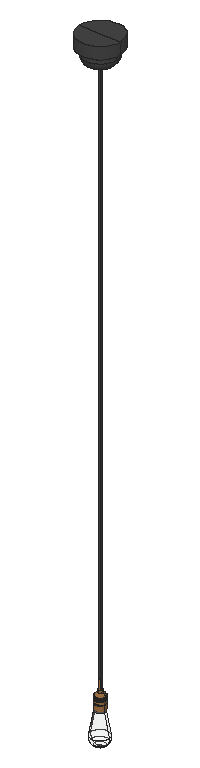
Revit family "SPO-BP MB", category Lighting Fixtures, Revit 2020 (continued)
Definition of nested family "SPO-AB"
  Definition of nested family "SPO-AB HOLDER"
    Automatic sketch dimensions
      plane 1 "Center (Front/Back)" to Extrusion 13 sketch curve = 0' - 0.01316"
      Extrusion 13 sketch curve to plane 6 = 0' - 0.0237"
      Extrusion 14 sketch curve to plane 6 = 0' - 0.02675"
      plane 1 "Center (Front/Back)" to Extrusion 14 sketch curve = 0' - 0.06414"
      Extrusion 15 sketch curve to plane 6 = 0' - 0.0338"
      plane 1 "Center (Front/Back)" to Extrusion 15 sketch curve = 0' - 0.11473"
      Extrusion 16 sketch curve to plane 6 = 0' - 0.04481"
      plane 1 "Center (Front/Back)" to Extrusion 16 sketch curve = 0' - 0.1646"
      Extrusion 17 sketch curve to plane 6 = 0' - 0.05971"
      plane 1 "Center (Front/Back)" to Extrusion 17 sketch curve = 0' - 0.21345"
      Extrusion 18 sketch curve to plane 6 = 0' - 0.07842"
      plane 1 "Center (Front/Back)" to Extrusion 18 sketch curve = 0' - 0.26098"
      Extrusion 19 sketch curve to plane 6 = 0' - 0.1008"
      plane 1 "Center (Front/Back)" to Extrusion 19 sketch curve = 0' - 0.30689"
      Extrusion 20 sketch curve to plane 6 = 0' - 0.12674"
      plane 1 "Center (Front/Back)" to Extrusion 20 sketch curve = 0' - 0.35089"
      Extrusion 21 sketch curve to plane 6 = 0' - 0.15605"
      plane 1 "Center (Front/Back)" to Extrusion 21 sketch curve = 0' - 0.39272"
      Extrusion 22 sketch curve to plane 6 = 0' - 0.18857"
      plane 1 "Center (Front/Back)" to Extrusion 22 sketch curve = 0' - 0.4321"
      Extrusion 23 sketch curve to plane 6 = 0' - 0.22408"
      plane 1 "Center (Front/Back)" to Extrusion 23 sketch curve = 0' - 0.46881"
      Extrusion 24 sketch curve to plane 6 = 0' - 0.26238"
      plane 1 "Center (Front/Back)" to Extrusion 24 sketch curve = 0' - 0.50261"
      Extrusion 25 sketch curve to plane 6 = 0' - 0.30321"
      plane 1 "Center (Front/Back)" to Extrusion 25 sketch curve = 0' - 0.53328"
      plane 3 "Center (Left/Right)" to Extrusion 26 sketch curve = 0' - 0.32554"
      plane 1 "Center (Front/Back)" to Extrusion 26 sketch curve = 0' - 0.56065"
      plane 3 "Center (Left/Right)" to Extrusion 27 sketch curve = 0' - 0.28039"
      plane 1 "Center (Front/Back)" to Extrusion 27 sketch curve = 0' - 0.58454"
      plane 3 "Center (Left/Right)" to Extrusion 28 sketch curve = 0' - 0.23351"
      plane 1 "Center (Front/Back)" to Extrusion 28 sketch curve = 0' - 0.6048"
      plane 3 "Center (Left/Right)" to Extrusion 29 sketch curve = 0' - 0.18517"
      plane 1 "Center (Front/Back)" to Extrusion 29 sketch curve = 0' - 0.6213"
      plane 3 "Center (Left/Right)" to Extrusion 30 sketch curve = 0' - 0.13569"
      plane 1 "Center (Front/Back)" to Extrusion 30 sketch curve = 0' - 0.63395"
      plane 3 "Center (Left/Right)" to Extrusion 31 sketch curve = 0' - 0.08536"
      plane 1 "Center (Front/Back)" to Extrusion 31 sketch curve = 0' - 0.64266"
      plane 3 "Center (Left/Right)" to Extrusion 32 sketch curve = 0' - 0.0345"
      plane 1 "Center (Front/Back)" to Extrusion 32 sketch curve = 0' - 0.64739"
      Extrusion 33 sketch curve to plane 3 "Center (Left/Right)" = 0' - 0.01657"
      plane 1 "Center (Front/Back)" to Extrusion 33 sketch curve = 0' - 0.6481"
      Extrusion 34 sketch curve to plane 3 "Center (Left/Right)" = 0' - 0.06753"
      plane 1 "Center (Front/Back)" to Extrusion 34 sketch curve = 0' - 0.64478"
      Extrusion 35 sketch curve to plane 3 "Center (Left/Right)" = 0' - 0.11808"
      plane 1 "Center (Front/Back)" to Extrusion 35 sketch curve = 0' - 0.63746"
      Extrusion 36 sketch curve to plane 3 "Center (Left/Right)" = 0' - 0.1679"
      plane 1 "Center (Front/Back)" to Extrusion 36 sketch curve = 0' - 0.62619"
      Extrusion 37 sketch curve to plane 3 "Center (Left/Right)" = 0' - 0.21667"
      plane 1 "Center (Front/Back)" to Extrusion 37 sketch curve = 0' - 0.61103"
      Extrusion 38 sketch curve to plane 3 "Center (Left/Right)" = 0' - 0.2641"
      plane 1 "Center (Front/Back)" to Extrusion 38 sketch curve = 0' - 0.59208"
      Extrusion 39 sketch curve to plane 3 "Center (Left/Right)" = 0' - 0.30989"
      plane 1 "Center (Front/Back)" to Extrusion 39 sketch curve = 0' - 0.56945"
      plane 5 to Extrusion 40 sketch curve = 0' - 0.31812"
      plane 1 "Center (Front/Back)" to Extrusion 40 sketch curve = 0' - 0.54329"
      plane 5 to Extrusion 41 sketch curve = 0' - 0.27645"
      plane 1 "Center (Front/Back)" to Extrusion 41 sketch curve = 0' - 0.51375"
      plane 5 to Extrusion 42 sketch curve = 0' - 0.23723"
      plane 1 "Center (Front/Back)" to Extrusion 42 sketch curve = 0' - 0.48103"
      plane 5 to Extrusion 43 sketch curve = 0' - 0.20071"
      plane 1 "Center (Front/Back)" to Extrusion 43 sketch curve = 0' - 0 57/128"
      plane 5 to Extrusion 44 sketch curve = 0' - 0.16712"
      plane 1 "Center (Front/Back)" to Extrusion 44 sketch curve = 0' - 0.40685"
      plane 5 to Extrusion 45 sketch curve = 0' - 0.13666"
      plane 1 "Center (Front/Back)" to Extrusion 45 sketch curve = 0' - 0.36585"
      plane 5 to Extrusion 46 sketch curve = 0' - 0.10952"
      plane 1 "Center (Front/Back)" to Extrusion 46 sketch curve = 0' - 0.32258"
      plane 5 to Extrusion 47 sketch curve = 0' - 0.08587"
      plane 1 "Center (Front/Back)" to Extrusion 47 sketch curve = 0' - 0.27731"
      plane 5 to Extrusion 48 sketch curve = 0' - 0.06586"
      plane 1 "Center (Front/Back)" to Extrusion 48 sketch curve = 0' - 0.23032"
      plane 5 to Extrusion 49 sketch curve = 0' - 0.04961"
      plane 1 "Center (Front/Back)" to Extrusion 49 sketch curve = 0' - 0.1819"
      plane 5 to Extrusion 50 sketch curve = 0' - 0.03722"
      plane 1 "Center (Front/Back)" to Extrusion 50 sketch curve = 0' - 0.13235"
      plane 5 to Extrusion 51 sketch curve = 0' - 0.02877"
      plane 1 "Center (Front/Back)" to Extrusion 51 sketch curve = 0' - 0.08198"
      plane 5 to Extrusion 52 sketch curve = 0' - 0.02431"
      plane 1 "Center (Front/Back)" to Extrusion 52 sketch curve = 0' - 0.0311"
      Extrusion 53 sketch curve to plane 1 "Center (Front/Back)" = 0' - 0.01998"
      plane 5 to Extrusion 53 sketch curve = 0' - 0.02388"
      plane 5 to Extrusion 54 sketch curve = 0' - 0.02746"
      Extrusion 54 sketch curve to plane 1 "Center (Front/Back)" = 0' - 0.07093"
      plane 5 to Extrusion 55 sketch curve = 0' - 0.03504"
      Extrusion 55 sketch curve to plane 1 "Center (Front/Back)" = 0' - 0.12144"
      plane 5 to Extrusion 56 sketch curve = 0' - 0.04658"
      Extrusion 56 sketch curve to plane 1 "Center (Front/Back)" = 0' - 0.17119"
      plane 5 to Extrusion 57 sketch curve = 0' - 0.062"
      Extrusion 57 sketch curve to plane 1 "Center (Front/Back)" = 0' - 0.21988"
      plane 5 to Extrusion 58 sketch curve = 0' - 0.0812"
      Extrusion 58 sketch curve to plane 1 "Center (Front/Back)" = 0' - 0.26721"
      plane 5 to Extrusion 59 sketch curve = 0' - 0.10407"
      Extrusion 59 sketch curve to plane 1 "Center (Front/Back)" = 0' - 0.31288"
      plane 5 to Extrusion 60 sketch curve = 0' - 0.13046"
      Extrusion 60 sketch curve to plane 1 "Center (Front/Back)" = 0' - 0.35661"
      plane 5 to Extrusion 61 sketch curve = 0' - 0.16021"
      Extrusion 61 sketch curve to plane 1 "Center (Front/Back)" = 0' - 0.39812"
      plane 5 to Extrusion 62 sketch curve = 0' - 0.19314"
      Extrusion 62 sketch curve to plane 1 "Center (Front/Back)" = 0' - 0.43717"
      plane 5 to Extrusion 63 sketch curve = 0' - 0.22904"
      Extrusion 63 sketch curve to plane 1 "Center (Front/Back)" = 0' - 0.4735"
      plane 5 to Extrusion 64 sketch curve = 0' - 0.26769"
      Extrusion 64 sketch curve to plane 1 "Center (Front/Back)" = 0' - 0.50689"
      plane 5 to Extrusion 65 sketch curve = 0' - 0.30885"
      Extrusion 65 sketch curve to plane 1 "Center (Front/Back)" = 0' - 0.53713"
      Extrusion 66 sketch curve to plane 3 "Center (Left/Right)" = 0' - 0.31962"
      Extrusion 66 sketch curve to plane 1 "Center (Front/Back)" = 0' - 0.56404"
      Extrusion 67 sketch curve to plane 3 "Center (Left/Right)" = 0' - 0.27422"
      Extrusion 67 sketch curve to plane 1 "Center (Front/Back)" = 0' - 0.58746"
      Extrusion 68 sketch curve to plane 3 "Center (Left/Right)" = 0' - 0.22713"
      Extrusion 68 sketch curve to plane 1 "Center (Front/Back)" = 0' - 0.60722"
      Extrusion 69 sketch curve to plane 3 "Center (Left/Right)" = 0' - 0.17862"
      Extrusion 69 sketch curve to plane 1 "Center (Front/Back)" = 0' - 0.62321"
      Extrusion 70 sketch curve to plane 3 "Center (Left/Right)" = 0' - 0.12901"
      Extrusion 70 sketch curve to plane 1 "Center (Front/Back)" = 0' - 0.63534"
      Extrusion 71 sketch curve to plane 3 "Center (Left/Right)" = 0' - 0.07859"
      Extrusion 71 sketch curve to plane 1 "Center (Front/Back)" = 0' - 0.64353"
      Extrusion 72 sketch curve to plane 3 "Center (Left/Right)" = 0' - 0.02769"
      Extrusion 72 sketch curve to plane 1 "Center (Front/Back)" = 0' - 0.64772"
      plane 3 "Center (Left/Right)" to Extrusion 73 sketch curve = 0' - 0.02339"
      Extrusion 73 sketch curve to plane 1 "Center (Front/Back)" = 0' - 0.64789"
      plane 3 "Center (Left/Right)" to Extrusion 74 sketch curve = 0' - 0.07432"
      Extrusion 74 sketch curve to plane 1 "Center (Front/Back)" = 0' - 0.64403"
      plane 3 "Center (Left/Right)" to Extrusion 75 sketch curve = 0' - 0.12479"
      Extrusion 75 sketch curve to plane 1 "Center (Front/Back)" = 0' - 0.63618"
      plane 3 "Center (Left/Right)" to Extrusion 76 sketch curve = 0' - 0.17448"
      Extrusion 76 sketch curve to plane 1 "Center (Front/Back)" = 0' - 0.62439"
      plane 3 "Center (Left/Right)" to Extrusion 77 sketch curve = 0' - 0.22309"
      Extrusion 77 sketch curve to plane 1 "Center (Front/Back)" = 0' - 0.60871"
      plane 3 "Center (Left/Right)" to Extrusion 78 sketch curve = 0' - 0.27032"
      Extrusion 78 sketch curve to plane 1 "Center (Front/Back)" = 0' - 0.58926"
      plane 3 "Center (Left/Right)" to Extrusion 79 sketch curve = 0' - 0.31587"
      Extrusion 79 sketch curve to plane 1 "Center (Front/Back)" = 0' - 0.56616"
      Extrusion 80 sketch curve to plane 6 = 0' - 0.31242"
      Extrusion 80 sketch curve to plane 1 "Center (Front/Back)" = 0' - 0.53953"
      Extrusion 81 sketch curve to plane 6 = 0' - 0.27106"
      Extrusion 81 sketch curve to plane 1 "Center (Front/Back)" = 0' - 0.50956"
      Extrusion 82 sketch curve to plane 6 = 0' - 0.23219"
      Extrusion 82 sketch curve to plane 1 "Center (Front/Back)" = 0' - 0.47643"
      radius of Extrusion 1 sketch curve = 0' - 0.1524"
  Definition of nested family "light"
    Parameters
      SPB [instance] = yes
      GLASS = none
      Default Elevation = 0' - 0"
      Body [instance] = none
    Reference planes (in)
      plane 1 "Center (Front/Back)": y = 0
      plane 2: z = 0
      plane 3 "Center (Left/Right)": x = 0
      plane 4: z = 3
      plane 5: x = 0.75
      plane 6: x = -0.75
    Forms (in)
      Revolve 1, solid, material <- "GLASS"
        sketch origin (0, 0, -0.00124) x (1, 0, 0) y (0, 0, 1)
          loop
            line (0, 0.00124) -> (-0.47169, 0.00124)
            arc (-0.47169, 0.00124) -> (-0.59465, -0.08077) -> (-0.64543, -0.21957) r 0.23785
            line (-0.64543, -0.21957) -> (-1.18272, -3.03558)
            arc (-1.18272, -3.03558) -> (-1.18535, -3.41114) -> (-1.05444, -3.76315) r 1.04013
            arc (-1.05444, -3.76315) -> (-0.89651, -3.966) -> (-0.69365, -4.12393) r 1.04013
            arc (-0.69365, -4.12393) -> (-0.44112, -4.23419) -> (-0.17715, -4.31325) r 2.2844
            line (-0.17715, -4.31325) -> (-0.02963, -4.36987)
            arc (-0.02963, -4.36987) -> (-0.01545, -4.37654) -> (0, -4.37915) r 0.05766
            line (0, -4.37915) -> (0, -4.34756) -> (-0.27212, -4.27661)
            arc (-0.27212, -4.27661) -> (-0.48406, -4.20538) -> (-0.68798, -4.11367) r 2.27268
            arc (-0.68798, -4.11367) -> (-0.88836, -3.95758) -> (-1.04437, -3.75715) r 1.02841
            arc (-1.04437, -3.75715) -> (-1.17381, -3.4091) -> (-1.17121, -3.03778) r 1.02841
            line (-1.17121, -3.03778) -> (-0.63375, -0.22087)
            arc (-0.63375, -0.22087) -> (-0.60139, -0.11111) -> (-0.51945, -0.03125) r 0.22613
            line (-0.51945, -0.03125) -> (0, -0.03125) -> (0, 0.00124)
          axis (0, 0.00124) -> (0, -4.37915)
        angle from 0 to 360
    Dimensions and locks (in)
      aligned and locked: plane 2 to level
      aligned and locked: Revolve 1 to level
Definition of nested family "E6 26 INCH"
  Parameters (values of type "E6 26 INCH")
    URL = ""
    Placement X axis side [instance] = 2' - 2"
    Model = ""
    Manufacturer = ""
    Light Elevation [instance] = 8' - 4"
    E 6 26 inch [instance] = yes
    Default Elevation = 0' - 0"
    Chain Length [instance] = 0' - 0"
    Body Material [instance] = none
  Reference planes (in)
    plane 1 "Light Source Axis (F/B)": y = 0
    plane 2: z = 0
    plane 3 "Light Source Axis (L/R)": x = 0
    plane 4 "Light Source Elevation": z = 23.125
    plane 5: z = 100
    plane 6: x = -26
    plane 7: z = 99.125
    plane 8: x = -24.12
    plane 9: x = -25.5474
  Forms (in)
    Extrusion 1, void, not visible
      sketch origin (0, 0, 2.38154) x (1, 0, 0) y (0, 0, 1)
        loop
          circle (0, 4.59925) r 0.16583
      from 1.18594 to 1.75
    Extrusion 2, void, not visible
      sketch origin (0, 0, 2.38154) x (0.707107, -0.707107, 0) y (0, 0, 1)
        loop
          circle (0, 4.59925) r 0.16583
      from 1.18594 to 1.75
    Extrusion 3, void, not visible
      sketch origin (0, 0, 2.38154) x (0.707107, 0.707107, 0) y (0, 0, 1)
        loop
          circle (0, 4.59925) r 0.16583
      from 1.18594 to 1.75
    Extrusion 4, void, not visible
      sketch origin (0, 0, 2.38154) x (0, 1, 0) y (0, 0, 1)
        loop
          circle (0, 4.59925) r 0.16583
      from 1.18594 to 1.75
    Extrusion 5, void, not visible
      sketch origin (0, 0, 2.38154) x (-0.707107, 0.707107, 0) y (0, 0, 1)
        loop
          circle (0, 4.59925) r 0.16583
      from 1.18594 to 1.75
    Extrusion 6, void, not visible
      sketch origin (0, 0, 2.38154) x (-1, 0, 0) y (0, 0, 1)
        loop
          circle (0, 4.59925) r 0.20678
      from 1.18594 to 1.75
    Extrusion 7, void, not visible
      sketch origin (0, 0, 2.38154) x (-0.707107, -0.707107, 0) y (0, 0, 1)
        loop
          circle (0, 4.59925) r 0.16583
      from 1.18594 to 1.75
    Extrusion 8, void, not visible
      sketch origin (0, 0, 2.38154) x (0, -1, 0) y (0, 0, 1)
        loop
          circle (0, 4.59925) r 0.16583
      from 1.18594 to 1.75
    Sweep 9, solid, material <- "Body Material", visible <- "E 6 26 inch"
      path origin (-41.25, 0, 168.51693) x (1, 0, 0) y (0, 0, 1)
        loop
          line (17.13, -68.51693) -> (27.68551, -68.51693)
          arc (27.68551, -68.51693) -> (28.47996, -68.34486) -> (29.13202, -67.8595) r 1.92004
          line (29.13202, -67.8595) -> (34.23651, -62.01155)
          arc (34.23651, -62.01155) -> (38.65464, -60.89667) -> (41.25, -64.64193) r 4
          line (41.25, -64.64193) -> (41.25, -69.39193)
      profile origin (-18.84224, 0, 100) x (0, 0, 1) y (0, -1, 0)
        loop
          circle (0, 0) r 0.5
    Revolve 10, solid, material <- "Body Material", visible <- "E 6 26 inch"
      sketch origin (-26, 0, 168.51693) x (1, 0, 0) y (0, 0, 1)
        loop
          line (0, -66.07943) -> (0, -68.51693) -> (1.88, -68.51693) -> (1.88, -67.69272) -> (0.4526, -67.69272) -> (0.4526, -66.54122) -> (0.33125, -66.54122) -> (0.33125, -66.07943) -> (0, -66.07943)
        axis (0, -68.51693) -> (1.88, -68.51693)
      angle from 0 to 360
    Extrusion 11, solid, material <- "Body Material", visible <- "E 6 26 inch"
      sketch origin (-26, 0, 168.51693) x (0, -1, 0) y (0, 0, -1)
        loop
          line (0.25, 68.51693) -> (0.25, 69.51693) -> (-0.25, 69.51693) -> (-0.25, 68.51693) -> (0.25, 68.51693)
      from 0.4526 to 1.88
  Cuts and joins
    joined: Revolve 10, Extrusion 11
  Dimensions and locks (in)
    "Light Elevation": plane 5 to plane 2
    "Placement X axis side": plane 3 "Light Source Axis (L/R)" to plane 6
    locked: plane 5 to plane 7 at 0.875
    Revolve 10 sketch curve to Revolve 10 sketch curve to Revolve 10 sketch curve to plane 6 = 0' - 1.4274" locked, 0' - 0.12135" locked, 0' - 0.33125" locked
    Revolve 10 sketch curve to Revolve 10 sketch curve to Revolve 10 sketch curve to plane 5 = 0' - 0.46179" locked, 0' - 1.1515" locked, 0' - 0 211/256" locked
    locked: Sweep 9 sketch curve to plane 6 at 1.88
    locked: Sweep 9 sketch curve to Sweep 9 sketch curve at 10.55551
    locked: Sweep 9 sketch curve to Sweep 9 sketch curve at 13.56449
    locked: Sweep 9 sketch curve to Sweep 9 sketch curve at 4.75
    locked: plane 9 to plane 6 at 0.4526
    locked: plane 8 to plane 9 at 1.4274
    aligned and locked: level to plane 2
    aligned and locked: Revolve 10 sketch curve to plane 6
    aligned and locked: plane 5 to Revolve 10 sketch curve
    aligned and locked: Revolve 10 sketch curve to plane 5
    aligned and locked: cut or joined group of Revolve 10, Extrusion 11 to plane 9
    aligned and locked: plane 8 to cut or joined group of Revolve 10, Extrusion 11
  Automatic sketch dimensions
    Sweep 9 sketch curve to plane 5 = 0' - 0"
    Sweep 9 sketch curve to Sweep 9 sketch curve = 0' - 4"
    Sweep 9 sketch curve to Sweep 9 sketch curve = 0' - 3.01349"
    plane 5 to Sweep 9 sketch curve = 0' - 0.65743"
    Sweep 9 sketch curve to Sweep 9 sketch curve = 0' - 1.4465"
    Sweep 9 sketch curve to plane 5 = 0' - 0 7/8"
    profile plane to Sweep 9 sketch curve = 0' - 0"
    Sweep 9 sketch curve to profile plane = 0' - 0"
    plane 6 to Revolve 10 sketch curve = 0' - 0.62562"
    Revolve 10 sketch curve to Revolve 10 sketch curve = 0' - 0 1/2"
    Extrusion 11 sketch curve to plane 5 = 0' - 0"
    plane 1 "Light Source Axis (F/B)" to Extrusion 11 sketch curve = 0' - 0 1/4"
    Extrusion 11 sketch curve to plane 1 "Light Source Axis (F/B)" = 0' - 0 1/4"
    plane 5 to Extrusion 11 sketch curve = 0' - 1"
    radius of Sweep 9 sketch curve = 0' - 0 1/2"
Definition of nested family "E7 41 INCH"
  Parameters (values of type "E7 41 INCH")
    URL = ""
    Placement X axis side [instance] = 4' - 2"
    Model = ""
    Manufacturer = ""
    Light Elevation [instance] = 8' - 4"
    E7 41 inch [instance] = yes
    Default Elevation = 0' - 0"
    Chain Length [instance] = 0' - 0"
    Body Material [instance] = none
  Reference planes (in)
    plane 1 "Light Source Axis (F/B)": y = 0
    plane 2: z = 0
    plane 3 "Light Source Axis (L/R)": x = 0
    plane 4 "Light Source Elevation": z = 23.125
    plane 5: z = 100
    plane 6: x = -50
  Forms (in)
    Extrusion 1, void, not visible
      sketch origin (0, 0, 2.38154) x (1, 0, 0) y (0, 0, 1)
        loop
          circle (0, 4.59925) r 0.16583
      from 1.18594 to 1.75
    Extrusion 2, void, not visible
      sketch origin (0, 0, 2.38154) x (0.707107, -0.707107, 0) y (0, 0, 1)
        loop
          circle (0, 4.59925) r 0.16583
      from 1.18594 to 1.75
    Extrusion 3, void, not visible
      sketch origin (0, 0, 2.38154) x (0.707107, 0.707107, 0) y (0, 0, 1)
        loop
          circle (0, 4.59925) r 0.16583
      from 1.18594 to 1.75
    Extrusion 4, void, not visible
      sketch origin (0, 0, 2.38154) x (0, 1, 0) y (0, 0, 1)
        loop
          circle (0, 4.59925) r 0.16583
      from 1.18594 to 1.75
    Extrusion 5, void, not visible
      sketch origin (0, 0, 2.38154) x (-0.707107, 0.707107, 0) y (0, 0, 1)
        loop
          circle (0, 4.59925) r 0.16583
      from 1.18594 to 1.75
    Extrusion 6, void, not visible
      sketch origin (0, 0, 2.38154) x (-1, 0, 0) y (0, 0, 1)
        loop
          circle (0, 4.59925) r 0.20678
      from 1.18594 to 1.75
    Extrusion 7, void, not visible
      sketch origin (0, 0, 2.38154) x (-0.707107, -0.707107, 0) y (0, 0, 1)
        loop
          circle (0, 4.59925) r 0.16583
      from 1.18594 to 1.75
    Extrusion 8, void, not visible
      sketch origin (0, 0, 2.38154) x (0, -1, 0) y (0, 0, 1)
        loop
          circle (0, 4.59925) r 0.16583
      from 1.18594 to 1.75
    Revolve 9, solid, material <- "Body Material", visible <- "E7 41 inch"
      sketch origin (-41.25, 0, 168.39193) x (1, 0, 0) y (0, 0, 1)
        loop
          line (-8.75, -66.20443) -> (-8.75, -68.51693) -> (-6.87, -68.51693) -> (-6.87, -67.69272) -> (-8.2974, -67.69272) -> (-8.2974, -66.54122) -> (-8.41875, -66.54122) -> (-8.41875, -66.20443) -> (-8.75, -66.20443)
        axis (-8.75, -68.51693) -> (-6.87, -68.51693)
      angle from 0 to 360
    Extrusion 10, solid, material <- "Body Material", visible <- "E7 41 inch"
      sketch origin (-41.25, 0, 168.39193) x (0, -1, 0) y (0, 0, -1)
        loop
          line (0.25, 68.51693) -> (0.25, 69.51693) -> (-0.25, 69.51693) -> (-0.25, 68.51693) -> (0.25, 68.51693)
      from -8.2974 to -6.87
    Sweep 11, solid, material <- "Body Material", visible <- "E7 41 inch"
      path origin (-41.25, 0, 168.39193) x (1, 0, 0) y (0, 0, 1)
        loop
          line (-6.87, -68.51693) -> (16.04011, -68.51693)
          arc (16.04011, -68.51693) -> (17.864, -68.13651) -> (19.38375, -67.0587) r 4.5625
          line (19.38375, -67.0587) -> (24.70217, -61.33018)
          arc (24.70217, -61.33018) -> (29.64465, -60.20324) -> (32.5, -64.39193) r 4.5
          line (32.5, -64.39193) -> (32.5, -68.39193)
      profile origin (-36.66494, 0, 99.875) x (0, 0, 1) y (0, -1, 0)
        loop
          circle (0, 0) r 0.5
  Dimensions and locks (in)
    "Placement X axis side": plane 3 "Light Source Axis (L/R)" to plane 6
    "Light Elevation": plane 5 to plane 2
    locked: Revolve 9 sketch curve to Revolve 9 sketch curve at 0.33125
    locked: Revolve 9 sketch curve to Revolve 9 sketch curve at 0.4526
    locked: Revolve 9 sketch curve to Revolve 9 sketch curve at 1.88
    locked: Revolve 9 sketch curve to Revolve 9 sketch curve at 0.82421
    locked: Revolve 9 sketch curve to Revolve 9 sketch curve at 1.1515
    locked: Revolve 9 sketch curve to Revolve 9 sketch curve at 0.33679
    locked: plane 5 to Revolve 9 sketch curve at 0.125
    locked: Extrusion 10 sketch curve to Extrusion 10 sketch curve at 0.5
    locked: Extrusion 10 sketch curve to Extrusion 10 sketch curve at 1
    locked: plane 5 to Extrusion 10 sketch curve at 0.125
    locked: plane 5 to Sweep 11 sketch curve at 0.125
    locked: Sweep 11 sketch curve to Sweep 11 sketch curve at 39.37
    locked: Sweep 11 sketch curve to Sweep 11 sketch curve at 4
    locked: plane 6 to Extrusion 10 at 0.4526
    locked: Sweep 11 sketch curve to plane 6 at 1.88
    locked: Extrusion 10 to Extrusion 10 at 1.4274
    aligned and locked: plane 2 to level
    aligned and locked: Revolve 9 sketch curve to plane 6
  Automatic sketch dimensions
    Revolve 9 sketch curve to plane 5 = 0' - 0 1/8"
    plane 6 to Revolve 9 sketch curve = 0' - 0.62562"
    Revolve 9 sketch curve to Revolve 9 sketch curve = 0' - 0 1/2"
    plane 1 "Light Source Axis (F/B)" to Extrusion 10 sketch curve = 0' - 0 1/4"
    Sweep 11 sketch curve to plane 5 = 0' - 0"
    Sweep 11 sketch curve to Sweep 11 sketch curve = 0' - 4 1/2"
    Sweep 11 sketch curve to Sweep 11 sketch curve = 0' - 3.29783"
    plane 5 to Sweep 11 sketch curve = 0' - 1.33323"
    Sweep 11 sketch curve to Sweep 11 sketch curve = 0' - 5.31842"
    Sweep 11 sketch curve to Sweep 11 sketch curve = 0' - 3.34364"
    profile plane to Sweep 11 sketch curve = 0' - 0"
    Sweep 11 sketch curve to profile plane = 0' - 0"
    radius of Sweep 11 sketch curve = 0' - 0 1/2"
Definition of nested family "E36 20 INCH"
  Parameters (values of type "E36 20 INCH")
    URL = ""
    Placement X axis side [instance] = 1' - 8 1/4"
    Model = ""
    Manufacturer = ""
    Light Elevation [instance] = 8' - 4"
    E36 20 inch [instance] = yes
    Default Elevation = 0' - 0"
    Chain Length [instance] = 0' - 0"
    Body Material [instance] = none
  Reference planes (in)
    plane 1 "Light Source Axis (F/B)": y = 0
    plane 2: z = 0
    plane 3 "Light Source Axis (L/R)": x = 0
    plane 4 "Light Source Elevation": z = 23.125
    plane 5: z = 99
    plane 6: x = -20.25
    plane 7: z = 100
    plane 8: x = -18.37008
    plane 9: x = -19.79724
  Forms (in)
    Extrusion 1, void, not visible
      sketch origin (0, 0, 2.38154) x (1, 0, 0) y (0, 0, 1)
        loop
          circle (0, 4.59925) r 0.16583
      from 1.18594 to 1.75
    Extrusion 2, void, not visible
      sketch origin (0, 0, 2.38154) x (0.707107, -0.707107, 0) y (0, 0, 1)
        loop
          circle (0, 4.59925) r 0.16583
      from 1.18594 to 1.75
    Extrusion 3, void, not visible
      sketch origin (0, 0, 2.38154) x (0.707107, 0.707107, 0) y (0, 0, 1)
        loop
          circle (0, 4.59925) r 0.16583
      from 1.18594 to 1.75
    Extrusion 4, void, not visible
      sketch origin (0, 0, 2.38154) x (0, 1, 0) y (0, 0, 1)
        loop
          circle (0, 4.59925) r 0.16583
      from 1.18594 to 1.75
    Extrusion 5, void, not visible
      sketch origin (0, 0, 2.38154) x (-0.707107, 0.707107, 0) y (0, 0, 1)
        loop
          circle (0, 4.59925) r 0.16583
      from 1.18594 to 1.75
    Extrusion 6, void, not visible
      sketch origin (0, 0, 2.38154) x (-1, 0, 0) y (0, 0, 1)
        loop
          circle (0, 4.59925) r 0.20678
      from 1.18594 to 1.75
    Extrusion 7, void, not visible
      sketch origin (0, 0, 2.38154) x (-0.707107, -0.707107, 0) y (0, 0, 1)
        loop
          circle (0, 4.59925) r 0.16583
      from 1.18594 to 1.75
    Extrusion 8, void, not visible
      sketch origin (0, 0, 2.38154) x (0, -1, 0) y (0, 0, 1)
        loop
          circle (0, 4.59925) r 0.16583
      from 1.18594 to 1.75
    Sweep 9, solid, material <- "Body Material", visible <- "E36 20 inch"
      path origin (-41.25, 0, 169.51693) x (1, 0, 0) y (0, 0, 1)
        loop
          line (22.88, -69.51693) -> (28.93827, -69.51693)
          arc (28.93827, -69.51693) -> (29.97705, -69.28152) -> (30.81284, -68.62128) r 2.40953
          line (30.81284, -68.62128) -> (34.13807, -64.50378)
          arc (34.13807, -64.50378) -> (38.58272, -63.24548) -> (41.25, -67.01693) r 4
          line (41.25, -67.01693) -> (41.25, -70.51693)
      profile origin (-15.34086, 0, 100) x (0, 0, 1) y (0, -1, 0)
        loop
          circle (0, 0) r 0.5
    Revolve 10, solid, material <- "Body Material", visible <- "E36 20 inch"
      sketch origin (-20.25, 0, 169.51693) x (1, 0, 0) y (0, 0, 1)
        loop
          line (0, -67.20443) -> (0, -69.51693) -> (1.88, -69.51693) -> (1.88, -68.69272) -> (0.4526, -68.69272) -> (0.4526, -67.54122) -> (0.33125, -67.54122) -> (0.33125, -67.20443) -> (0, -67.20443)
        axis (0, -69.51693) -> (1.88, -69.51693)
      angle from 0 to 360
    Extrusion 11, solid, material <- "Body Material", visible <- "E36 20 inch"
      sketch origin (-20.25, 0, 169.51693) x (0, -1, 0) y (0, 0, -1)
        loop
          line (0.25, 69.51693) -> (0.25, 70.51693) -> (-0.25, 70.51693) -> (-0.25, 69.51693) -> (0.25, 69.51693)
      from 1.87992 to 0.45276
  Cuts and joins
    joined: Revolve 10, Extrusion 11
  Dimensions and locks (in)
    "Light Elevation": plane 7 to plane 2
    "Placement X axis side": plane 3 "Light Source Axis (L/R)" to plane 6
    locked: plane 7 to plane 5 at 1
    Revolve 10 sketch curve to Revolve 10 sketch curve to Revolve 10 sketch curve to plane 7 = 0' - 0.33679" locked, 0' - 1.1515" locked, 0' - 0 211/256" locked
    locked: Sweep 9 sketch curve to plane 6 at 1.88
    locked: Sweep 9 sketch curve to Sweep 9 sketch curve at 6.05827
    locked: Sweep 9 sketch curve to Sweep 9 sketch curve at 12.31173
    locked: Sweep 9 sketch curve to Sweep 9 sketch curve at 3.5
    Revolve 10 sketch curve to Revolve 10 sketch curve to Revolve 10 sketch curve to plane 6 = 0' - 1.4274" locked, 0' - 0.12135" locked, 0' - 0.33125" locked
    locked: plane 9 to plane 6 at 0.45276
    locked: plane 8 to plane 9 at 1.42717
    aligned and locked: level to plane 2
    aligned and locked: plane 7 to Revolve 10 sketch curve
    aligned and locked: Revolve 10 sketch curve to plane 7
    aligned and locked: Revolve 10 sketch curve to plane 6
    aligned and locked: cut or joined group of Revolve 10, Extrusion 11 to plane 9
    aligned and locked: plane 8 to cut or joined group of Revolve 10, Extrusion 11
  Automatic sketch dimensions
    Sweep 9 sketch curve to plane 7 = 0' - 0"
    Sweep 9 sketch curve to plane 5 = 0' - 0"
    Sweep 9 sketch curve to Sweep 9 sketch curve = 0' - 4"
    Sweep 9 sketch curve to plane 7 = 0' - 0.89565"
    Sweep 9 sketch curve to Sweep 9 sketch curve = 0' - 3.32523"
    Sweep 9 sketch curve to Sweep 9 sketch curve = 0' - 1.87457"
    profile plane to Sweep 9 sketch curve = 0' - 0"
    Sweep 9 sketch curve to profile plane = 0' - 0"
    plane 6 to Revolve 10 sketch curve = 0' - 0.62562"
    Revolve 10 sketch curve to Revolve 10 sketch curve = 0' - 0 1/2"
    plane 7 to Extrusion 11 sketch curve = 0' - 0"
    Extrusion 11 sketch curve to plane 5 = 0' - 0"
    plane 1 "Light Source Axis (F/B)" to Extrusion 11 sketch curve = 0' - 0 1/4"
    Extrusion 11 sketch curve to plane 1 "Light Source Axis (F/B)" = 0' - 0 1/4"
    radius of Sweep 9 sketch curve = 0' - 0 1/2"
Definition of nested family "POST MOUNT"
  Parameters (values of type "POST MOUNT")
    URL = ""
    Post Mount [instance] = yes
    Placement X axis side [instance] = 2' - 2 1/2"
    Model = ""
    Manufacturer = ""
    Light Elevation [instance] = 14' - 0.5168"
    Default Elevation = 0' - 0"
    Chain Length [instance] = 0' - 0"
    Body Material [instance] = none
  Reference planes (in)
    plane 1 "Light Source Axis (F/B)": y = 0
    plane 2: z = 0
    plane 3 "Light Source Axis (L/R)": x = 0
    plane 4 "Light Source Elevation": z = 23.125
    plane 5: x = -26.5
    plane 6: z = 168.5168
  Forms (in)
    Extrusion 1, void, not visible
      sketch origin (0, 0, 2.38154) x (1, 0, 0) y (0, 0, 1)
        loop
          circle (0, 4.59925) r 0.16583
      from 1.18594 to 1.75
    Extrusion 2, void, not visible
      sketch origin (0, 0, 2.38154) x (0.707107, -0.707107, 0) y (0, 0, 1)
        loop
          circle (0, 4.59925) r 0.16583
      from 1.18594 to 1.75
    Extrusion 3, void, not visible
      sketch origin (0, 0, 2.38154) x (0.707107, 0.707107, 0) y (0, 0, 1)
        loop
          circle (0, 4.59925) r 0.16583
      from 1.18594 to 1.75
    Extrusion 4, void, not visible
      sketch origin (0, 0, 2.38154) x (0, 1, 0) y (0, 0, 1)
        loop
          circle (0, 4.59925) r 0.16583
      from 1.18594 to 1.75
    Extrusion 5, void, not visible
      sketch origin (0, 0, 2.38154) x (-0.707107, 0.707107, 0) y (0, 0, 1)
        loop
          circle (0, 4.59925) r 0.16583
      from 1.18594 to 1.75
    Extrusion 6, void, not visible
      sketch origin (0, 0, 2.38154) x (-1, 0, 0) y (0, 0, 1)
        loop
          circle (0, 4.59925) r 0.20678
      from 1.18594 to 1.75
    Extrusion 7, void, not visible
      sketch origin (0, 0, 2.38154) x (-0.707107, -0.707107, 0) y (0, 0, 1)
        loop
          circle (0, 4.59925) r 0.16583
      from 1.18594 to 1.75
    Extrusion 8, void, not visible
      sketch origin (0, 0, 2.38154) x (0, -1, 0) y (0, 0, 1)
        loop
          circle (0, 4.59925) r 0.16583
      from 1.18594 to 1.75
    Revolve 9, solid, material <- "Body Material", visible <- "Post Mount"
      sketch origin (-7.90508, 0, 0) x (1, 0, 0) y (0, 0, 1)
        loop
          line (-18.59492, 3.92912) -> (-16.29831, 3.92912) -> (-16.29831, 4.2668) -> (-16.91413, 4.2668) -> (-16.91413, 134.5168) -> (-17.16413, 134.5168) -> (-17.16413, 137.3918) -> (-17.05979, 137.3918)
          arc (-17.05979, 137.3918) -> (-16.93479, 137.5168) -> (-17.05979, 137.6418) r 0.125
          line (-17.05979, 137.6418) -> (-17.48032, 137.6418) -> (-17.48032, 139.0793) -> (-17.73032, 139.0793) -> (-17.73032, 139.5793) -> (-18.59492, 139.5793) -> (-18.59492, 3.92912)
        axis (-18.59492, 139.5793) -> (-18.59492, 3.92912)
      angle from 0 to 360
    Extrusion 10, solid, material <- "Body Material", visible <- "Post Mount"
      sketch origin (0, 0, 0) x (1, 0, 0) y (0, 1, 0)
        loop
          line (-20.5, 5.93079) -> (-32.5, 5.93079) -> (-32.5, -6.06921) -> (-20.5, -6.06921) -> (-20.5, 5.93079)
      from 0 to 3.92912
    Sweep 11, solid, material <- "Body Material", visible <- "Post Mount"
      path origin (0, 0, 48.5) x (1, 0, 0) y (0, 0, 1)
        loop
          line (0, 120.0168) -> (0, 128.0168)
          arc (0, 128.0168) -> (-13.25, 141.2668) -> (-26.5, 128.0168) r 13.25
          line (-26.5, 128.0168) -> (-26.5, 91.0793)
      profile origin (0, 0, 172.5168) x (-1, 0, 0) y (0, -1, 0)
        loop
          circle (0, 0) r 0.5
    Revolve 12, solid, material <- "Body Material", visible <- "Post Mount"
      sketch origin (0, 0, 0) x (1, 0, 0) y (0, 0, 1)
        loop
          line (0, 168.5168) -> (0.75, 168.5168) -> (0.75, 170.7668) -> (0, 170.7668) -> (0, 168.5168)
        axis (0, 170.7668) -> (0, 168.5168)
      angle from 0 to 360
  Cuts and joins
    joined: Revolve 9, Extrusion 10, Sweep 11, Revolve 12
  Dimensions and locks (in)
    "Placement X axis side": plane 3 "Light Source Axis (L/R)" to plane 5
    "Light Elevation": plane 6 to plane 2
    locked: Revolve 12 sketch curve to plane 5 at 26.5  (x2)
    locked: Revolve 9 sketch curve to plane 2 at 3.92912
    locked: Revolve 9 sketch curve to plane 5 at 2.29661
    locked: Revolve 9 sketch curve to plane 5 at 1.68079
    locked: Revolve 9 sketch curve to plane 5 at 1.43079
    locked: Revolve 9 sketch curve to plane 5 at 1.11461
    locked: Revolve 9 sketch curve to plane 5 at 0.86461
    locked: Revolve 9 sketch curve to Revolve 9 sketch curve at 130.58768
    locked: Revolve 9 sketch curve to Revolve 9 sketch curve at 2.875
    locked: Revolve 9 sketch curve to Revolve 9 sketch curve at 0.25
    locked: Revolve 9 sketch curve to Revolve 9 sketch curve at 1.4375
    locked: Revolve 9 sketch curve to Revolve 9 sketch curve at 0.5
    locked: Sweep 11 sketch curve to Sweep 11 sketch curve at 26.5
    locked: Revolve 12 sketch curve to Revolve 12 sketch curve at 0.75
    locked: cut or joined group of Revolve 9, Extrusion 10, Sweep 11, Revolve 12 to plane 2 at 139.5793
    aligned and locked: level to plane 2
    aligned and locked: plane 5 to Sweep 11 sketch curve
    aligned and locked: Revolve 9 sketch curve to plane 5
  Automatic sketch dimensions
    Revolve 9 sketch curve to plane 5 = 0' - 0"
    Revolve 9 sketch curve to Revolve 9 sketch curve = 0' - 0.10434"
    Revolve 9 sketch curve to Revolve 9 sketch curve = 0' - 0.33768"
    Revolve 9 sketch curve to Revolve 9 sketch curve = 0' - 0 1/4"
    Revolve 9 sketch curve to Revolve 9 sketch curve = 0' - 0 7/16"
    Extrusion 10 sketch curve to plane 5 = 0' - 6"
    plane 5 to Extrusion 10 sketch curve = 0' - 6"
    plane 1 "Light Source Axis (F/B)" to Extrusion 10 sketch curve = 0' - 6.06921"
    Extrusion 10 sketch curve to plane 1 "Light Source Axis (F/B)" = 0' - 5.93079"
    Sweep 11 sketch curve to profile plane = 0' - 0"
    profile plane to Sweep 11 sketch curve = 0' - 0"
    Sweep 11 sketch curve to plane 6 = 0' - 0"
    Sweep 11 sketch curve to plane 6 = 0' - 8"
    plane 6 to Sweep 11 sketch curve = 2' - 4 15/16"
    Revolve 12 sketch curve to plane 6 = 0' - 0"
    Revolve 12 sketch curve to plane 6 = 0' - 2 1/4"
    Revolve 12 sketch curve to Revolve 12 sketch curve = 0' - 0 1/2"
    Revolve 12 sketch curve to Revolve 12 sketch curve = 0' - 0"
    radius of Sweep 11 sketch curve = 0' - 0 1/2"
